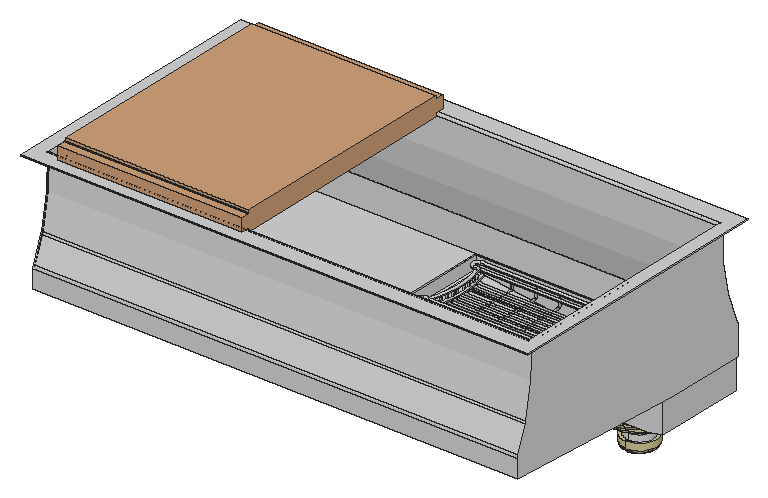
Revit family "Sink-Undermount-Kitchen-KALLISTA-Soltiere-L20306", category Plumbing Fixtures, host Face, Revit 2022 (continued)
Definition of nested family "L20306"
  Lines and regions (in)
    symbolic lines, detail levels medium+fine
      curve 144: arc (1.34234, -0.2839, 0) -> (1.24734, -0.1889, 0) -> (1.15234, -0.2839, 0) r 0.095
      curve 145: arc (1.15234, -0.2839, 0) -> (1.24734, -0.3789, 0) -> (1.34234, -0.2839, 0) r 0.095
      curve 146: arc (1.2476, -0.55466, 0) -> (1.1526, -0.45966, 0) -> (1.0576, -0.55466, 0) r 0.095
      curve 147: arc (1.0576, -0.55466, 0) -> (1.1526, -0.64966, 0) -> (1.2476, -0.55466, 0) r 0.095
      curve 148: arc (0.86446, -0.559, 0) -> (0.76946, -0.464, 0) -> (0.67446, -0.559, 0) r 0.095
      curve 149: arc (0.67446, -0.559, 0) -> (0.76946, -0.654, 0) -> (0.86446, -0.559, 0) r 0.095
      curve 150: arc (1.09498, -0.79754, 0) -> (0.99998, -0.70254, 0) -> (0.90498, -0.79754, 0) r 0.095
      curve 151: arc (0.90498, -0.79754, 0) -> (0.99998, -0.89254, 0) -> (1.09498, -0.79754, 0) r 0.095
      curve 152: arc (0.89215, -1.00037, 0) -> (0.79715, -0.90537, 0) -> (0.70215, -1.00037, 0) r 0.095
      curve 153: arc (0.70215, -1.00037, 0) -> (0.79715, -1.09537, 0) -> (0.89215, -1.00037, 0) r 0.095
      curve 154: arc (0.65362, -0.76983, 0) -> (0.55862, -0.67483, 0) -> (0.46362, -0.76983, 0) r 0.095
      curve 155: arc (0.46362, -0.76983, 0) -> (0.55862, -0.86483, 0) -> (0.65362, -0.76983, 0) r 0.095
      curve 156: arc (0.38796, -0.90519, 0) -> (0.29296, -0.81019, 0) -> (0.19796, -0.90519, 0) r 0.095
      curve 157: arc (0.19796, -0.90519, 0) -> (0.29296, -1.00019, 0) -> (0.38796, -0.90519, 0) r 0.095
      curve 158: arc (0.64926, -1.15298, 0) -> (0.55426, -1.05798, 0) -> (0.45926, -1.15298, 0) r 0.095
      curve 159: arc (0.45926, -1.15298, 0) -> (0.55426, -1.24798, 0) -> (0.64926, -1.15298, 0) r 0.095
      curve 160: arc (0.37851, -1.24772, 0) -> (0.28351, -1.15272, 0) -> (0.18851, -1.24772, 0) r 0.095
      curve 161: arc (0.18851, -1.24772, 0) -> (0.28351, -1.34272, 0) -> (0.37851, -1.24772, 0) r 0.095
      curve 162: arc (0.09346, -0.95184, 0) -> (-0.00154, -0.85684, 0) -> (-0.09654, -0.95184, 0) r 0.095
      curve 163: arc (-0.09654, -0.95184, 0) -> (-0.00154, -1.04684, 0) -> (0.09346, -0.95184, 0) r 0.095
      curve 164: arc (0.09342, -1.27984, 0) -> (-0.00158, -1.18484, 0) -> (-0.09658, -1.27984, 0) r 0.095
      curve 165: arc (-0.09658, -1.27984, 0) -> (-0.00158, -1.37484, 0) -> (0.09342, -1.27984, 0) r 0.095
      curve 166: arc (-0.20103, -0.90519, 0) -> (-0.29603, -0.81019, 0) -> (-0.39103, -0.90519, 0) r 0.095
      curve 167: arc (-0.39103, -0.90519, 0) -> (-0.29603, -1.00019, 0) -> (-0.20103, -0.90519, 0) r 0.095
      curve 168: arc (-0.19163, -1.24771, 0) -> (-0.28663, -1.15271, 0) -> (-0.38163, -1.24771, 0) r 0.095
      curve 169: arc (-0.38163, -1.24771, 0) -> (-0.28663, -1.34271, 0) -> (-0.19163, -1.24771, 0) r 0.095
      curve 170: arc (-0.46238, -1.15296, 0) -> (-0.55738, -1.05796, 0) -> (-0.65238, -1.15296, 0) r 0.095
      curve 171: arc (-0.65238, -1.15296, 0) -> (-0.55738, -1.24796, 0) -> (-0.46238, -1.15296, 0) r 0.095
      curve 172: arc (-0.4667, -0.76983, 0) -> (-0.5617, -0.67483, 0) -> (-0.6567, -0.76983, 0) r 0.095
      curve 173: arc (-0.6567, -0.76983, 0) -> (-0.5617, -0.86483, 0) -> (-0.4667, -0.76983, 0) r 0.095
      curve 175: arc (-0.70526, -1.00034, 0) -> (-0.80026, -0.90534, 0) -> (-0.89526, -1.00034, 0) r 0.095
      curve 176: arc (-0.89526, -1.00034, 0) -> (-0.80026, -1.09534, 0) -> (-0.70526, -1.00034, 0) r 0.095
      curve 177: arc (-0.90808, -0.7975, 0) -> (-1.00308, -0.7025, 0) -> (-1.09808, -0.7975, 0) r 0.095
      curve 178: arc (-1.09808, -0.7975, 0) -> (-1.00308, -0.8925, 0) -> (-0.90808, -0.7975, 0) r 0.095
      curve 179: arc (-0.86753, -0.559, 0) -> (-0.77253, -0.654, 0) -> (-0.67753, -0.559, 0) r 0.095
      curve 180: arc (-0.67753, -0.559, 0) -> (-0.77253, -0.464, 0) -> (-0.86753, -0.559, 0) r 0.095
      curve 181: arc (-1.06069, -0.55462, 0) -> (-1.15569, -0.45962, 0) -> (-1.25069, -0.55462, 0) r 0.095
      curve 182: arc (-1.25069, -0.55462, 0) -> (-1.15569, -0.64962, 0) -> (-1.06069, -0.55462, 0) r 0.095
      curve 183: arc (-1.00289, -0.29333, 0) -> (-0.90789, -0.38833, 0) -> (-0.81289, -0.29333, 0) r 0.095
      curve 184: arc (-0.81289, -0.29333, 0) -> (-0.90789, -0.19833, 0) -> (-1.00289, -0.29333, 0) r 0.095
      curve 185: arc (-1.34543, -0.28386, 0) -> (-1.25043, -0.37886, 0) -> (-1.15543, -0.28386, 0) r 0.095
      curve 186: arc (-1.15543, -0.28386, 0) -> (-1.25043, -0.18886, 0) -> (-1.34543, -0.28386, 0) r 0.095
      curve 187: arc (-1.37754, 0.00119, 0) -> (-1.28254, -0.09381, 0) -> (-1.18754, 0.00119, 0) r 0.095
      curve 188: arc (-1.18754, 0.00119, 0) -> (-1.28254, 0.09619, 0) -> (-1.37754, 0.00119, 0) r 0.095
      curve 189: arc (-0.85954, 0.00116, 0) -> (-0.95454, 0.09616, 0) -> (-1.04954, 0.00116, 0) r 0.095
      curve 190: arc (-1.04954, 0.00116, 0) -> (-0.95454, -0.09384, 0) -> (-0.85954, 0.00116, 0) r 0.095
      curve 191: arc (-0.81289, 0.29566, 0) -> (-0.90789, 0.39066, 0) -> (-1.00289, 0.29566, 0) r 0.095
      curve 192: arc (-1.00289, 0.29566, 0) -> (-0.90789, 0.20066, 0) -> (-0.81289, 0.29566, 0) r 0.095
      curve 193: arc (-0.86753, 0.56132, 0) -> (-0.77253, 0.46632, 0) -> (-0.67753, 0.56132, 0) r 0.095
      curve 194: arc (-0.67753, 0.56132, 0) -> (-0.77253, 0.65632, 0) -> (-0.86753, 0.56132, 0) r 0.095
      curve 195: arc (-0.6567, 0.77216, 0) -> (-0.5617, 0.67716, 0) -> (-0.4667, 0.77216, 0) r 0.095
      curve 196: arc (-0.4667, 0.77216, 0) -> (-0.5617, 0.86716, 0) -> (-0.6567, 0.77216, 0) r 0.095
      curve 197: circle (0, 0, 0) r 0.31827 normal (0, 0, 1)
      curve 198: circle (0, 0, 0) r 0.25675 normal (0, 0, 1)
      curve 199: arc (-0.8228, 1.7883, 0) -> (0, -1.9685, 0) -> (0.8228, 1.7883, 0) r 1.9685
      curve 200: arc (-0.63401, 1.7883, 0) -> (0, -1.89736, 0) -> (0.63401, 1.7883, 0) r 1.89736
      curve 201: line (-27.66142, 1.7883, 0) -> (-1.46244, 1.7883, 0)
      curve 202: line (-1.46244, 1.7883, 0) -> (-1.21725, 1.7883, 0)
      curve 203: line (-1.21725, 1.7883, 0) -> (-0.8228, 1.7883, 0)
      curve 204: line (1.46244, 1.7883, 0) -> (3.80315, 1.7883, 0)
      curve 205: line (1.21725, 1.7883, 0) -> (1.46244, 1.7883, 0)
      curve 206: line (0.63401, 1.7883, 0) -> (0.8228, 1.7883, 0)
      curve 207: line (0.8228, 1.7883, 0) -> (1.21725, 1.7883, 0)
      curve 208: line (-0.63401, 1.7883, 0) -> (0.63401, 1.7883, 0)
      curve 209: line (-0.8228, 1.7883, 0) -> (-0.63401, 1.7883, 0)
      curve 210: arc (-1.10175, -2.03048, 0) -> (0.08853, -2.30844, 0) -> (1.25403, -1.94014, 0) r 2.31014
      curve 211: arc (-1.25403, -1.94014, 0) -> (-1.0703, -2.04724, 0) -> (-0.87751, -2.13699, 0) r 2.31014
      curve 212: arc (-0.95685, -1.94014, 0) -> (-0.65394, -2.06205, 0) -> (-0.33614, -2.13699, 0) r 2.16326
      curve 213: arc (-0.77036, -2.02144, 0) -> (1.91793, -1.00062, 0) -> (1.21725, 1.7883, 0) r 2.16326
      curve 214: arc (1.25403, -1.94014, 0) -> (2.30654, -0.12893, 0) -> (1.46244, 1.7883, 0) r 2.31014
      curve 215: arc (2.84137, -1.94534, 0) -> (2.97536, -2.12714, 0) -> (3.1937, -2.18487, 0) r 0.33998
      curve 216: arc (-2.46344, -1.55634, 0) -> (-2.38892, -1.80118, 0) -> (-2.27525, -2.03048, 0) r 1.55457
      curve 217: arc (-2.37117, -1.55634, 0) -> (-2.2832, -1.8089, 0) -> (-2.13346, -2.03048, 0) r 1.0349
      curve 218: arc (3.00036, -1.82654, 0) -> (3.07969, -1.90974, 0) -> (3.1937, -1.89501, 0) r 0.12719
      curve 219: line (2.64173, 1.7883, 0) -> (2.64173, 1.091, 0)
      curve 220: line (2.76025, -1.65673, 0) -> (2.76025, -2.51789, 0)
      curve 221: line (2.76025, -2.70462, 0) -> (2.76025, -2.90864, 0)
      curve 222: line (2.9571, -2.70462, 0) -> (2.9571, -2.90864, 0)
      curve 223: line (2.97536, -2.12714, 0) -> (2.97536, -2.51789, 0)
      curve 224: line (2.92508, -1.55487, 0) -> (2.92508, 1.5572, 0)
      curve 225: line (-27.66142, 1.7883, 0) -> (-27.66142, -13.62303, 0)
      curve 226: line (-27.66142, -13.62303, 0) -> (3.80315, -13.62303, 0)
      curve 227: line (3.80315, -2.98738, 0) -> (3.80315, 1.7883, 0)
      curve 228: line (3.80315, -2.98738, 0) -> (3.80315, -13.62303, 0)
      curve 242: line (0, 2.25482, -11.55739) -> (0, -2.25482, -11.55739)
      curve 243: line (0, -2.31814, -11.52248) -> (0, 2.28558, -11.52248)
      curve 244: line (0, 2.25482, -11.58104) -> (0, -2.25482, -11.58104)
      curve 245: line (0, 1.78195, -1.05971) -> (0, -13.89367, -1.06045)
      curve 246: line (-27.66142, 0, -8.55456) -> (3.80315, 0, -8.55456)
      curve 247: line (-2.61839, 0, -11.52248) -> (2.67637, 0, -11.52248)
      curve 248: line (-27.73814, 0, -1.06071) -> (3.88004, 0, -1.05971)
      curve 249: line (0, 2.91874, -11.41989) -> (0, -2.98885, -11.41989)
      curve 250: line (0, 1.69091, -11.80656) -> (0, -1.69091, -11.80656)
      curve 251: line (0, 1.73999, -11.93157) -> (0, -1.73999, -11.93157)
      curve 252: line (0, -1.73999, -12.08653) -> (0, 1.73999, -12.08653)
      curve 253: line (0, 1.74387, -12.13432) -> (0, -1.74387, -12.13432)
      curve 254: line (0, -1.74387, -12.30651) -> (0, 1.74387, -12.30651)
      curve 255: line (0, 2.0723, -12.44991) -> (0, -2.0723, -12.44991)
      curve 256: line (0, -1.68898, -12.72446) -> (0, 1.68898, -12.72446)
      curve 257: line (0, 1.1067, -13.16192) -> (0, -1.1067, -13.16192)
      curve 258: line (0, -0.9284, -13.4564) -> (0, 0.9284, -13.4564)
      curve 259: line (0, 0.9284, -13.87391) -> (0, -0.92675, -13.87391)
      curve 260: line (0, 1.1236, -14.31396) -> (0, -1.1236, -14.31396)
      curve 261: line (-1.79253, 0, -11.80656) -> (1.73878, 0, -11.80656)
      curve 262: line (-1.77376, 0, -11.9816) -> (1.77376, 0, -11.9816)
      curve 263: line (1.77376, 0, -12.08653) -> (-1.77376, 0, -12.08653)
      curve 264: line (-1.77376, 0, -12.16604) -> (1.77376, 0, -12.16604)
      curve 265: line (1.77376, 0, -12.30651) -> (-1.77376, 0, -12.30651)
      curve 266: line (-2.15484, 0, -12.40231) -> (2.15484, 0, -12.40231)
      curve 267: line (-2.10983, 0, -12.6729) -> (2.10983, 0, -12.6729)
      curve 268: line (-1.72094, 0, -12.72446) -> (1.72094, 0, -12.72446)
      curve 269: line (0.95692, 0, -13.46769) -> (-0.95692, 0, -13.46769)
      curve 270: line (-0.95692, 0, -13.87391) -> (0.95692, 0, -13.87391)
      curve 271: line (-1.15556, 0, -14.31396) -> (1.15556, 0, -14.31396)
      curve 272: line (-13.06939, 0, -9.28264) -> (3.80315, 0, -9.28264)
      curve 273: line (-13.06939, 0, -10.08524) -> (3.80315, 0, -10.08524)
      curve 274: line (-12.94118, 0, -10.22243) -> (3.80315, 0, -10.22243)
      curve 275: line (0, -2.99264, -9.277) -> (0, 2.91534, -9.277)
      curve 276: line (-4.00333, 1.55866, 0) -> (-4.00333, 1.7883, 0)
      curve 277: line (-4.00333, 1.12866, 0) -> (-4.00333, 1.45366, 0)
      curve 278: line (-3.89133, 1.12866, 0) -> (-3.89133, 1.45366, 0)
      curve 279: line (-4.00333, 0.69866, 0) -> (-4.00333, 1.02366, 0)
      curve 280: line (-3.89133, 0.69866, 0) -> (-3.89133, 1.02366, 0)
      curve 281: line (-4.00333, 0.2074, 0) -> (-4.00333, 0.59366, 0)
      curve 282: line (-3.89133, 0.2074, 0) -> (-3.89133, 0.59366, 0)
      curve 283: line (-4.00333, -0.26626, 0) -> (-4.00333, -0.59134, 0)
      curve 284: line (-3.89133, -0.26626, 0) -> (-3.89133, -0.59134, 0)
      curve 285: line (-4.00333, -0.69634, 0) -> (-4.00333, -1.02134, 0)
      curve 286: line (-3.89133, -0.69634, 0) -> (-3.89133, -1.02134, 0)
      curve 287: line (-4.00333, -1.12634, 0) -> (-4.00333, -1.45134, 0)
      curve 288: line (-3.89133, -1.12634, 0) -> (-3.89133, -1.45134, 0)
      curve 289: line (-4.00333, -1.55634, 0) -> (-4.00333, -2.03048, 0)
      curve 290: line (-3.89133, -1.55634, 0) -> (-3.89133, -2.03048, 0)
      curve 291: line (-4.00333, -2.13699, 0) -> (-4.00333, -2.20262, 0)
      curve 292: line (-3.89133, -2.13699, 0) -> (-3.89133, -2.20262, 0)
      curve 293: line (-3.89133, 1.55866, 0) -> (-3.89133, 1.7883, 0)
      curve 294: line (-5.57813, 0, 0) -> (-5.57813, 0.10263, 0)
      curve 295: line (-5.46614, 0, 0) -> (-5.46614, 0.10263, 0)
      curve 296: line (-5.57813, 0, 0) -> (-5.57813, -0.16141, 0)
      curve 297: line (-5.46614, 0, 0) -> (-5.46614, -0.16141, 0)
      curve 298: circle (-5.52213, -2.20262, 0) r 0.056 normal (0, 0, -1)
      curve 299: line (-5.57813, 1.55866, 0) -> (-5.57813, 1.7883, 0)
      curve 300: line (-5.57813, 1.12866, 0) -> (-5.57813, 1.45366, 0)
      curve 301: line (-5.46614, 1.12866, 0) -> (-5.46614, 1.45366, 0)
      curve 302: line (-5.57813, 0.69866, 0) -> (-5.57813, 1.02366, 0)
      curve 303: line (-5.46614, 0.69866, 0) -> (-5.46614, 1.02366, 0)
      curve 304: line (-5.57813, 0.2074, 0) -> (-5.57813, 0.59366, 0)
      curve 305: line (-5.46614, 0.2074, 0) -> (-5.46614, 0.59366, 0)
      curve 306: line (-5.57813, -0.26626, 0) -> (-5.57813, -0.59134, 0)
      curve 307: line (-5.46614, -0.26626, 0) -> (-5.46614, -0.59134, 0)
      curve 308: line (-5.57813, -0.69634, 0) -> (-5.57813, -1.02134, 0)
      curve 309: line (-5.46614, -0.69634, 0) -> (-5.46614, -1.02134, 0)
      curve 310: line (-5.57813, -1.12634, 0) -> (-5.57813, -1.45134, 0)
      curve 311: line (-5.46614, -1.12634, 0) -> (-5.46614, -1.45134, 0)
      curve 312: line (-5.57813, -1.55634, 0) -> (-5.57813, -2.03048, 0)
      curve 313: line (-5.46614, -1.55634, 0) -> (-5.46614, -2.03048, 0)
      curve 314: line (-5.57813, -2.13699, 0) -> (-5.57813, -2.20262, 0)
      curve 315: line (-5.46614, -2.13699, 0) -> (-5.46614, -2.20262, 0)
      curve 316: line (-5.46614, 1.55866, 0) -> (-5.46614, 1.7883, 0)
      curve 317: line (-6.95608, 0, 0) -> (-6.95608, 0.10263, 0)
      curve 318: line (-6.84409, 0, 0) -> (-6.84409, 0.10263, 0)
      curve 319: line (-6.95608, 0, 0) -> (-6.95608, -0.16141, 0)
      curve 320: line (-6.84409, 0, 0) -> (-6.84409, -0.16141, 0)
      curve 321: circle (-6.90009, -2.20262, 0) r 0.056 normal (0, 0, -1)
      curve 322: line (-6.95608, 1.55866, 0) -> (-6.95608, 1.7883, 0)
      curve 323: line (-6.95608, 1.12866, 0) -> (-6.95608, 1.45366, 0)
      curve 324: line (-6.84409, 1.12866, 0) -> (-6.84409, 1.45366, 0)
      curve 325: line (-6.95608, 0.69866, 0) -> (-6.95608, 1.02366, 0)
      curve 326: line (-6.84409, 0.69866, 0) -> (-6.84409, 1.02366, 0)
      curve 327: line (-6.95608, 0.2074, 0) -> (-6.95608, 0.59366, 0)
      curve 328: line (-6.84409, 0.2074, 0) -> (-6.84409, 0.59366, 0)
      curve 329: line (-6.95608, -0.26626, 0) -> (-6.95608, -0.59134, 0)
      curve 330: line (-6.84409, -0.26626, 0) -> (-6.84409, -0.59134, 0)
      curve 331: line (-6.95608, -0.69634, 0) -> (-6.95608, -1.02134, 0)
      curve 332: line (-6.84409, -0.69634, 0) -> (-6.84409, -1.02134, 0)
      curve 333: line (-6.95608, -1.12634, 0) -> (-6.95608, -1.45134, 0)
      curve 334: line (-6.84409, -1.12634, 0) -> (-6.84409, -1.45134, 0)
      curve 335: line (-6.95608, -1.55634, 0) -> (-6.95608, -2.03048, 0)
      curve 336: line (-6.84409, -1.55634, 0) -> (-6.84409, -2.03048, 0)
      curve 337: line (-6.95608, -2.13699, 0) -> (-6.95608, -2.20262, 0)
      curve 338: line (-6.84409, -2.13699, 0) -> (-6.84409, -2.20262, 0)
      curve 339: line (-6.84409, 1.55866, 0) -> (-6.84409, 1.7883, 0)
      curve 340: line (-8.13718, 0, 0) -> (-8.13718, 0.10263, 0)
      curve 341: line (-8.02519, 0, 0) -> (-8.02519, 0.10263, 0)
      curve 342: line (-8.13718, 0, 0) -> (-8.13718, -0.16141, 0)
      curve 343: line (-8.02519, 0, 0) -> (-8.02519, -0.16141, 0)
      curve 344: circle (-8.08119, -2.20262, 0) r 0.056 normal (0, 0, -1)
      curve 345: line (-8.13718, 1.55866, 0) -> (-8.13718, 1.7883, 0)
      curve 346: line (-8.13718, 1.12866, 0) -> (-8.13718, 1.45366, 0)
      curve 347: line (-8.02519, 1.12866, 0) -> (-8.02519, 1.45366, 0)
      curve 348: line (-8.13718, 0.69866, 0) -> (-8.13718, 1.02366, 0)
      curve 349: line (-8.02519, 0.69866, 0) -> (-8.02519, 1.02366, 0)
      curve 350: line (-8.13718, 0.2074, 0) -> (-8.13718, 0.59366, 0)
      curve 351: line (-8.02519, 0.2074, 0) -> (-8.02519, 0.59366, 0)
      curve 352: line (-8.13718, -0.26626, 0) -> (-8.13718, -0.59134, 0)
      curve 353: line (-8.02519, -0.26626, 0) -> (-8.02519, -0.59134, 0)
      curve 354: line (-8.13718, -0.69634, 0) -> (-8.13718, -1.02134, 0)
      curve 355: line (-8.02519, -0.69634, 0) -> (-8.02519, -1.02134, 0)
      curve 356: line (-8.13718, -1.12634, 0) -> (-8.13718, -1.45134, 0)
      curve 357: line (-8.02519, -1.12634, 0) -> (-8.02519, -1.45134, 0)
      curve 358: line (-8.13718, -1.55634, 0) -> (-8.13718, -2.03048, 0)
      curve 359: line (-8.02519, -1.55634, 0) -> (-8.02519, -2.03048, 0)
      curve 360: line (-8.13718, -2.13699, 0) -> (-8.13718, -2.20262, 0)
      curve 361: line (-8.02519, -2.13699, 0) -> (-8.02519, -2.20262, 0)
      curve 362: line (-8.02519, 1.55866, 0) -> (-8.02519, 1.7883, 0)
      curve 363: line (-9.51514, 0, 0) -> (-9.51514, 0.10263, 0)
      curve 364: line (-9.40315, 0, 0) -> (-9.40315, 0.10263, 0)
      curve 365: line (-9.51514, 0, 0) -> (-9.51514, -0.16141, 0)
      curve 366: line (-9.40315, 0, 0) -> (-9.40315, -0.16141, 0)
      curve 367: circle (-9.45914, -2.20262, 0) r 0.056 normal (0, 0, -1)
      curve 368: line (-9.51514, 1.55866, 0) -> (-9.51514, 1.7883, 0)
      curve 369: line (-9.51514, 1.12866, 0) -> (-9.51514, 1.45366, 0)
      curve 370: line (-9.40315, 1.12866, 0) -> (-9.40315, 1.45366, 0)
      curve 371: line (-9.51514, 0.69866, 0) -> (-9.51514, 1.02366, 0)
      curve 372: line (-9.40315, 0.69866, 0) -> (-9.40315, 1.02366, 0)
      curve 373: line (-9.51514, 0.2074, 0) -> (-9.51514, 0.59366, 0)
      curve 374: line (-9.40315, 0.2074, 0) -> (-9.40315, 0.59366, 0)
      curve 375: line (-9.51514, -0.26626, 0) -> (-9.51514, -0.59134, 0)
      curve 376: line (-9.40315, -0.26626, 0) -> (-9.40315, -0.59134, 0)
      curve 377: line (-9.51514, -0.69634, 0) -> (-9.51514, -1.02134, 0)
      curve 378: line (-9.40315, -0.69634, 0) -> (-9.40315, -1.02134, 0)
      curve 379: line (-9.51514, -1.12634, 0) -> (-9.51514, -1.45134, 0)
      curve 380: line (-9.40315, -1.12634, 0) -> (-9.40315, -1.45134, 0)
      curve 381: line (-9.51514, -1.55634, 0) -> (-9.51514, -2.03048, 0)
      curve 382: line (-9.40315, -1.55634, 0) -> (-9.40315, -2.03048, 0)
      curve 383: line (-9.51514, -2.13699, 0) -> (-9.51514, -2.20262, 0)
      curve 384: line (-9.40315, -2.13699, 0) -> (-9.40315, -2.20262, 0)
      curve 385: line (-9.40315, 1.55866, 0) -> (-9.40315, 1.7883, 0)
      curve 386: line (-10.88436, 0, 0) -> (-10.88436, 0.10263, 0)
      curve 387: line (-10.77237, 0, 0) -> (-10.77237, 0.10263, 0)
      curve 388: line (-10.88436, 0, 0) -> (-10.88436, -0.16141, 0)
      curve 389: line (-10.77237, 0, 0) -> (-10.77237, -0.16141, 0)
      curve 390: circle (-10.82836, -2.20262, 0) r 0.056 normal (0, 0, -1)
      curve 391: line (-10.88436, 1.55866, 0) -> (-10.88436, 1.7883, 0)
      curve 392: line (-10.88436, 1.12866, 0) -> (-10.88436, 1.45366, 0)
      curve 393: line (-10.77237, 1.12866, 0) -> (-10.77237, 1.45366, 0)
      curve 394: line (-10.88436, 0.69866, 0) -> (-10.88436, 1.02366, 0)
      curve 395: line (-10.77237, 0.69866, 0) -> (-10.77237, 1.02366, 0)
      curve 396: line (-10.88436, 0.2074, 0) -> (-10.88436, 0.59366, 0)
      curve 397: line (-10.77237, 0.2074, 0) -> (-10.77237, 0.59366, 0)
      curve 398: line (-10.88436, -0.26626, 0) -> (-10.88436, -0.59134, 0)
      curve 399: line (-10.77237, -0.26626, 0) -> (-10.77237, -0.59134, 0)
      curve 400: line (-10.88436, -0.69634, 0) -> (-10.88436, -1.02134, 0)
      curve 401: line (-10.77237, -0.69634, 0) -> (-10.77237, -1.02134, 0)
      curve 402: line (-10.88436, -1.12634, 0) -> (-10.88436, -1.45134, 0)
      curve 403: line (-10.77237, -1.12634, 0) -> (-10.77237, -1.45134, 0)
      curve 404: line (-10.88436, -1.55634, 0) -> (-10.88436, -2.03048, 0)
      curve 405: line (-10.77237, -1.55634, 0) -> (-10.77237, -2.03048, 0)
      curve 406: line (-10.88436, -2.13699, 0) -> (-10.88436, -2.20262, 0)
      curve 407: line (-10.77237, -2.13699, 0) -> (-10.77237, -2.20262, 0)
      curve 408: line (-10.77237, 1.55866, 0) -> (-10.77237, 1.7883, 0)
      curve 409: arc (-2.50985, 1.45366, 0) -> (-2.53794, 1.29145, 0) -> (-2.56253, 1.12866, 0) r 7.66711
      curve 410: arc (-2.41333, 1.45366, 0) -> (-2.4407, 1.29143, 0) -> (-2.46469, 1.12866, 0) r 7.90521
      curve 411: arc (-2.57651, 1.02366, 0) -> (-2.59522, 0.86134, 0) -> (-2.61047, 0.69866, 0) r 7.66711
      curve 412: arc (-2.47834, 1.02366, 0) -> (-2.49663, 0.86133, 0) -> (-2.51156, 0.69866, 0) r 7.90521
      curve 413: arc (-2.61846, 0.59366, 0) -> (-2.62936, 0.40064, 0) -> (-2.6354, 0.2074, 0) r 7.66711
      curve 414: arc (-2.51941, 0.59366, 0) -> (-2.53016, 0.40063, 0) -> (-2.5362, 0.2074, 0) r 7.90521
      curve 415: arc (-2.63664, 0.10263, 0) -> (-2.63616, -0.0294, 0) -> (-2.6334, -0.16141, 0) r 7.66711
      curve 416: arc (-2.53749, 0.10263, 0) -> (-2.53714, -0.0294, 0) -> (-2.53459, -0.16141, 0) r 7.90521
      curve 417: arc (-2.62959, -0.26626, 0) -> (-2.62084, -0.42891, 0) -> (-2.60863, -0.59134, 0) r 7.66711
      curve 418: arc (-2.53099, -0.26626, 0) -> (-2.52265, -0.4289, 0) -> (-2.51096, -0.59134, 0) r 7.90521
      curve 419: arc (-2.59888, -0.69634, 0) -> (-2.5809, -0.85905, 0) -> (-2.55945, -1.02134, 0) r 7.66711
      curve 420: arc (-2.50161, -0.69634, 0) -> (-2.48433, -0.85903, 0) -> (-2.46368, -1.02134, 0) r 7.90521
      curve 421: arc (-2.54368, -1.12634, 0) -> (-2.51628, -1.28915, 0) -> (-2.48538, -1.45134, 0) r 7.66711
      curve 422: arc (-2.4485, -1.12634, 0) -> (-2.4221, -1.28913, 0) -> (-2.39232, -1.45134, 0) r 7.90521
    symbolic lines
      curve 174: circle (-0.00154, 0.00116, 0) r 0.85 normal (0, 0, -1)
      curve 229: line (-27.74016, 1.86704, 0) -> (-1.46244, 1.86704, 0)
      curve 230: line (-27.74016, 1.86704, 0) -> (-27.74016, -13.70177, 0)
      curve 231: line (-27.74016, -13.70177, 0) -> (3.88189, -13.70177, 0)
      curve 232: line (3.88189, -2.98738, 0) -> (3.88189, -13.70177, 0)
      curve 233: line (3.88189, -2.98738, 0) -> (3.88189, 1.86704, 0)
      curve 234: line (1.46244, 1.86704, 0) -> (3.88189, 1.86704, 0)
      curve 235: line (-0.63401, 1.86704, 0) -> (0.63401, 1.86704, 0)
      curve 236: line (-1.21725, 1.86704, 0) -> (-0.8228, 1.86704, 0)
      curve 237: line (-1.46244, 1.86704, 0) -> (-1.21725, 1.86704, 0)
      curve 238: line (-0.8228, 1.86704, 0) -> (-0.63401, 1.86704, 0)
      curve 239: line (0.8228, 1.86704, 0) -> (1.21725, 1.86704, 0)
      curve 240: line (0.63401, 1.86704, 0) -> (0.8228, 1.86704, 0)
      curve 241: line (1.21725, 1.86704, 0) -> (1.46244, 1.86704, 0)
  Dimensions and locks (in)
    plane 9 to plane 11 = 31.46457"
    plane 6 to plane 8 = 18"
    aligned and locked: plane 2 to level
Definition of nested family "L20306_Cutting_Board"
  Parameters
    Material = none
    Default Elevation = 0"
  Reference planes (in)
    plane 1 "Center (Front/Back)": y = 0
    plane 2: z = 0
    plane 3 "Center (Left/Right)": x = 0
    plane 4: y = 8.20079
    plane 5: y = -8.20079
    plane 6: x = 6
    plane 7: x = -6
    plane 8: z = 1.27559
  Forms (in)
    Extrusion 1, solid, detail levels medium+fine
      sketch origin (0, 0, 1.25813) x (0, 1, 0) y (0, 0, 1)
        loop
          line (-7.60209, 0.01746) -> (-7.60043, -0.15785)
          arc (-7.60043, -0.15785) -> (-7.61316, -0.18921) -> (-7.64439, -0.20224) r 0.04397
          line (-7.64439, -0.20224) -> (-8.20103, -0.20224) -> (-8.19987, -1.04005) -> (-7.64683, -1.03482)
          arc (-7.64683, -1.03482) -> (-7.61488, -1.0477) -> (-7.6014, -1.07939) r 0.045
          line (-7.6014, -1.07939) -> (-7.59971, -1.25813) -> (7.6108, -1.25813) -> (7.60914, -1.08249)
          arc (7.60914, -1.08249) -> (7.62202, -1.05055) -> (7.65371, -1.03707) r 0.045
          line (7.65371, -1.03707) -> (8.20869, -1.03181) -> (8.20079, -0.19685) -> (7.64581, -0.2021)
          arc (7.64581, -0.2021) -> (7.61387, -0.18922) -> (7.60039, -0.15753) r 0.045
          line (7.60039, -0.15753) -> (7.59873, 0.01746) -> (-7.60209, 0.01746)
      from -6 to 6
    Extrusion 2, solid, detail levels coarse
      sketch origin (0, 0, 1.25813) x (0, 1, 0) y (0, 0, 1)
        loop
          line (-8.20134, 0.01746) -> (-8.19957, -1.25813) -> (8.21083, -1.25813) -> (8.19876, 0.01746) -> (-8.20134, 0.01746)
      from -6 to 6
  Lines and regions (in)
    Masking region 1
      outline origin (-17.62346, 6.05592, 0) x (1, 0, 0) y (0, 1, 0)
        loop
          line (11.62346, 2.14486) -> (11.62346, -14.25514) -> (23.62346, -14.25514) -> (23.62346, 2.14486) -> (11.62346, 2.14486)
    Masking region 2
      outline origin (-17.62346, 0, 1.22006) x (1, 0, 0) y (0, 0, 1)
        loop
          line (11.62346, -1.22006) -> (23.62346, -1.22006) -> (23.62346, 0.05494) -> (11.62346, 0.05494) -> (11.62346, -1.22006)
    Masking region 3
      outline origin (0, 0, 0) x (0, 1, 0) y (0, 0, 1)
        loop
          line (-7.60055, 1.27559) -> (-7.59893, 1.10439)
          arc (-7.59893, 1.10439) -> (-7.61181, 1.07245) -> (-7.6435, 1.05897) r 0.045
          line (-7.6435, 1.05897) -> (-8.20079, 1.05369) -> (-8.20079, 0.21807) -> (-7.64683, 0.22331)
          arc (-7.64683, 0.22331) -> (-7.61488, 0.21043) -> (-7.6014, 0.17874) r 0.045
          line (-7.6014, 0.17874) -> (-7.59971, 0) -> (7.6108, 0) -> (7.60914, 0.17564)
          arc (7.60914, 0.17564) -> (7.62202, 0.20758) -> (7.65371, 0.22106) r 0.045
          line (7.65371, 0.22106) -> (8.20869, 0.22632) -> (8.20079, 1.06128) -> (7.64581, 1.05603)
          arc (7.64581, 1.05603) -> (7.61387, 1.0689) -> (7.60039, 1.1006) r 0.045
          line (7.60039, 1.1006) -> (7.59873, 1.27559) -> (-7.60055, 1.27559)
    symbolic lines, detail levels medium+fine
      curve 1: line (-6, 7.41339, 0) -> (6, 7.41339, 0)
      curve 2: line (-6, -7.41339, 0) -> (6, -7.41339, 0)
      curve 3: line (0, 7.64581, 1.05603) -> (0, -7.62528, 1.05603)
      curve 4: line (0, -7.6356, 0.17479) -> (0, 7.65371, 0.22106)
  Dimensions and locks (in)
    plane 6 to plane 7 = 12"
    plane 7 to plane 6 = 12"
    plane 5 to plane 4 = 16.40157"
    aligned and locked: plane 2 to level
